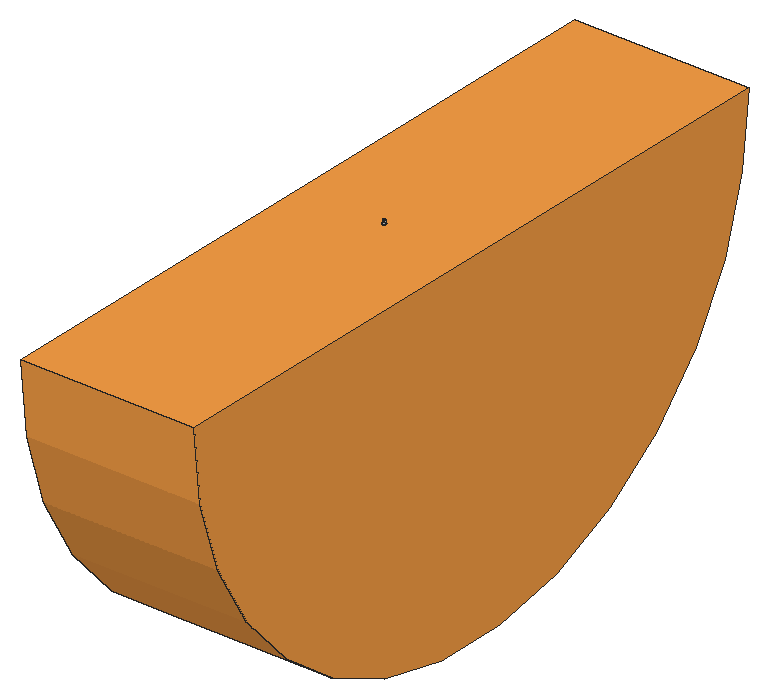
Revit family "Difusores abiertos para pasillos entre estanterías", category Rociadores, Revit 2017
Family settings
  Mantener orientación de anotación = No
  Cota de conector redondo = Radio de uso
  Tipo de pieza = Normal
  Número OmniClass = 23.65.70.17.11.24
  Título OmniClass = Fire Fighting Sprinkler Heads
  Se basa en plano de trabajo = Sí
  Siempre vertical = Sí
  Corte con vacíos al cargar = No
  Compartido = No
  Punto de cálculo de habitación = No
Parameters (values of type "Difusor abierto 3 toberas - 1,2 a 15,3 l/min")
  Zona de acción = yes
  URL = "http://aguilera.es/?productos=difusores-abiertos-de-agua-nebulizada"
  Símbolo = yes
  Simbolo texto modelo = yes
  Respuesta = Norma
  Orificio = Norma
  Modelo = "AN/CA180T3"
  Flujo máximo = 15.3 L/min
  Flujo = 1.2 L/min
  Fabricante = "Aguilera Electrónica"  # constant formula
  Default Elevation = 1219.2 mm
  Descripción = "Cabeza  nebulizadora abierta para instalación en tubería seca, fabricada en acero inoxidable AISI304 para alta presión.\r\nEquipada con 3 ó 5 toberas  en línea en un ángulo de 180º para una cobertura de 4 m lineales y 1,5 m de ancho."  # constant formula
  Flujo mínimo = 1.2 L/min
  Cobertura = Norma
  Clase de presión = Norma
  5 toberas = no
Types (3, lengths in mm): name | Modelo | Flujo máximo | Flujo | Flujo mínimo | 5 toberas
  (no name) | "AN/CA180T3" | 15.3 L/min | 1.2 L/min | 1.2 L/min | no
  Difusor abierto 5 toberas - 2,0 a 25,5 l/min | "AN/CA180T5" | 25.5 L/min | 2.0 L/min | 2.0 L/min | yes
  Difusor abierto 3 toberas - 1,2 a 15,3 l/min | "AN/CA180T3" | 15.3 L/min | 1.2 L/min | 1.2 L/min | no
Reference planes
  plane 1 "Centro (Frontal/Posterior)": y = 0
  plane 2: z = 0
  plane 3 "Centro (Izquierda/Derecha)": x = 0
Forms (mm)
  Extrusion 1, solid, material "Acero inoxidable", detail levels fine
    sketch origin (0, 0, 0) x (1, 0, 0) y (0, 1, 0)
      loop
        line (2.88, 4.988) -> (-2.88, 4.988) -> (-5.76, 0) -> (-2.88, -4.988) -> (2.88, -4.988) -> (5.76, 0) -> (2.88, 4.988)
    from -36 to -33
  Extrusion 2, solid, material "Acero inoxidable"
    sketch origin (-289.747, -1524, -7) x (-1, 0, 0) y (0, -1, 0)
      loop
        circle (-289.747, -1524) r 8.5
    from 0 to 7
  Extrusion 3, solid, material "Acero inoxidable", detail levels fine
    sketch origin (-289.747, -1524, 2) x (-1, 0, 0) y (0, -1, 0)
      loop
        circle (-289.747, -1524) r 8
    from 0 to 3
  Extrusion 4, solid, material "Acero inoxidable", detail levels fine
    sketch origin (-289.747, -1524, 5) x (-1, 0, 0) y (0, -1, 0)
      loop
        circle (-289.747, -1524) r 8.724
    from 0 to 10
  Extrusion 5, solid, material "Acero inoxidable", detail levels fine
    sketch origin (-289.747, -1524, 15) x (-1, 0, 0) y (0, -1, 0)
      loop
        line (-293.595, -1531.555) -> (-285.899, -1531.555)
        arc (-285.899, -1531.555) -> (-280.799, -1524.165) -> (-285.385, -1516.445) r 8.319
        line (-285.385, -1516.445) -> (-294.109, -1516.445)
        arc (-294.109, -1516.445) -> (-298.696, -1524.165) -> (-293.595, -1531.555) r 8.319
    from 0 to 2.015
  Extrusion 6, solid, material "Acero inoxidable", detail levels fine
    sketch origin (-289.747, -1524, 17.015) x (-1, 0, 0) y (0, -1, 0)
      loop
        circle (-289.747, -1524) r 5
    from 0 to 5.241
  Revolve 7, solid, material "Acero inoxidable", detail levels fine
    sketch origin (0, 0, -30.37) x (0, 1, 0) y (0, 0, 1)
      loop
        line (0, 52.626) -> (0, 55.385) -> (-2.15, 55.385) -> (-5, 53.739) -> (-5, 52.626) -> (0, 52.626)
      axis (0, 55.385) -> (0, 52.626)
    angle from 0 to 360
  Revolve 8, solid, material "Goma", detail levels fine
    sketch origin (0, 0, -26.5) x (0, 1, 0) y (0, 0, 1)
      loop
        line (0, 28.5) -> (-9.003, 28.5)
        arc (-9.003, 28.5) -> (-10.003, 27.5) -> (-9.003, 26.5) r 1
        line (-9.003, 26.5) -> (0, 26.5) -> (0, 28.5)
      axis (0, 28.5) -> (0, 26.5)
    angle from 0 to 360
  Extrusion 9, solid, material "Acero inoxidable"
    sketch origin (0, 0, 0) x (0, 1, 0) y (0, 0, 1)
      loop
        line (-20, -7) -> (-20, -21) -> (-12.5, -33) -> (12.5, -33) -> (20, -21) -> (20, -7) -> (-20, -7)
    from -8 to 8
  Extrusion 10, solid, material "Acero inoxidable", detail levels fine
    sketch origin (0, -14.283, -7.917) x (1, 0, 0) y (0, 0.529999, 0.847998)
      loop
        line (2.88, 4.988) -> (-2.88, 4.988) -> (-5.76, 0) -> (-2.88, -4.988) -> (2.88, -4.988) -> (5.76, 0) -> (2.88, 4.988)
    from -39.007 to -36.007
  Extrusion 11, solid, material "Acero inoxidable", visible <- "5 toberas", detail levels fine
    sketch origin (0, -13, -14) x (1, 0, 0) y (0, 0, 1)
      loop
        line (2.88, 4.988) -> (-2.88, 4.988) -> (-5.76, 0) -> (-2.88, -4.988) -> (2.88, -4.988) -> (5.76, 0) -> (2.88, 4.988)
    from -36 to -33
  Extrusion 12, solid, material "Acero inoxidable", detail levels fine
    sketch origin (0, 14.283, -7.917) x (1, 0, 0) y (0, 0.529999, -0.847998)
      loop
        line (2.88, -4.988) -> (5.76, 0) -> (2.88, 4.988) -> (-2.88, 4.988) -> (-5.76, 0) -> (-2.88, -4.988) -> (2.88, -4.988)
    from -39.007 to -36.007
  Extrusion 13, solid, material "Acero inoxidable", visible <- "5 toberas", detail levels fine
    sketch origin (0, 13, -14) x (1, 0, 0) y (0, 0, -1)
      loop
        line (2.88, -4.988) -> (5.76, 0) -> (2.88, 4.988) -> (-2.88, 4.988) -> (-5.76, 0) -> (-2.88, -4.988) -> (2.88, -4.988)
    from -36 to -33
  Extrusion 14, solid, material "Zona de acción", visible <- "Zona de acción"
    sketch origin (0, 0, 0) x (0, 1, 0) y (0, 0, 1)
      loop
        line (2000, 0) -> (-2000, 0)
        arc (-2000, 0) -> (0, -2000) -> (2000, 0) r 2000
    from 500 to -500
Dimensions and locks
  aligned and locked: level to plane 2
Nested families
  nested 1: "S_Difusor abierto_Aguilera Extinción" at (0, 0, 0), visible <- "Símbolo", type "S_Difusor abierto_Aguilera Extinción", detail levels coarse
Connectors
  piping at (0, 0, 0), diameter 20, driven by "Flujo"
    settings: on Extrusion 2, index 1, connector inside diameter 609.6 mm, connector length 0 mm, flow factor 0, pipe flow 1.2 L/min, pressure drop 0.0 Pa, fitting loss kfactor 0, connector angle 0.00°, fixture units 0, engagement length 0 mm, angle of deflection 0.00°, flow configuration 0, flow direction 1, fitting loss method 0, system type 24, joint type 0, gender type 0, connector reference index -1, connector utility 0, adjustable connector no, is connector primary yes, connector description ""
Definition of nested family "S_Difusor abierto_Aguilera Extinción"
  Parameters (values of type "S_Difusor abierto_Aguilera Extinción")
    Texto símbolo = "Difusor abierto"
    Texto modelo = yes
    Modelo = "Difusor abierto"
  Reference planes
    plane 1: y = 0
    plane 2: x = 0
  Lines and regions (mm)
    detail lines
      curve 1: circle (0, 0, 0) r 1.49 normal (0, 0, 1)
      curve 2: line (1.699, 0, 0) -> (2.813, 0, 0)
      curve 3: line (1.201, 1.201, 0) -> (1.989, 1.989, 0)
      curve 4: line (0, 1.699, 0) -> (0, 2.813, 0)
      curve 5: line (-1.699, 0, 0) -> (-2.813, 0, 0)
      curve 6: line (-1.201, 1.201, 0) -> (-1.989, 1.989, 0)
      curve 7: line (1.201, -1.201, 0) -> (1.989, -1.989, 0)
      curve 8: line (0, -1.699, 0) -> (0, -2.813, 0)
      curve 9: line (-1.201, -1.201, 0) -> (-1.989, -1.989, 0)
  Text (mm)
    label "Texto símbolo" at (-0.164, 4.036, 0), shows "Texto símbolo", visible <- "Texto modelo"
    label "Modelo" at (-0.164, -4.339, 0), shows "Modelo", visible <- "Texto modelo"
